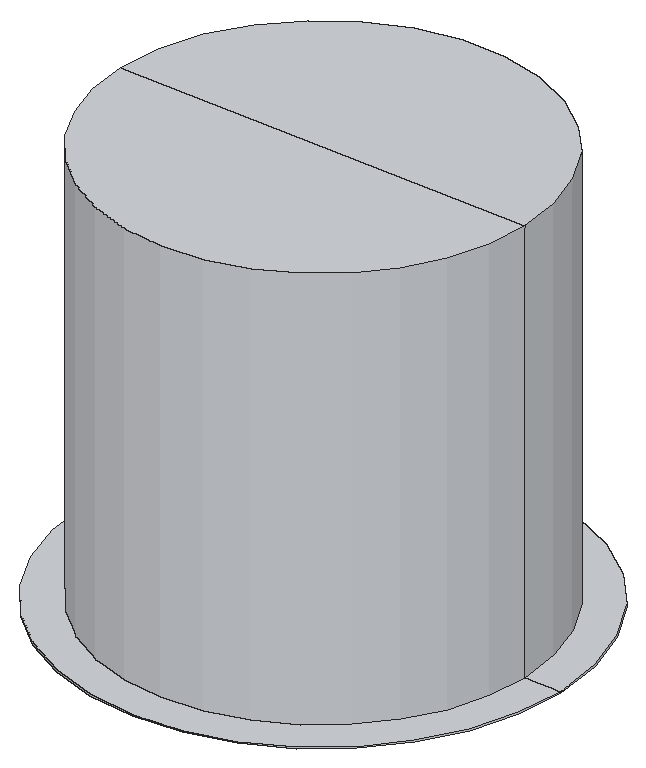
Revit family "95-8-10", category Electrical Fixtures, host Ceiling, Revit 2017
Family settings
  Host = Ceiling
  Maintain Annotation Orientation = No
  Round Connector Dimension = Use Diameter
  Part Type = Normal
  OmniClass Number = 23.80.00.00
  OmniClass Title = Electric Power and Lighting
  Always vertical = Yes
  Cut with Voids When Loaded = No
  Shared = No
  Room Calculation Point = No
Parameters
  URL = ""
  Model = "95-8-10"
  Manufacturer = "Atlas Sound"
  Description = "8\" Speaker Back Can"
Reference planes (in)
  plane 1 "Center (Front/Back)": y = 0
  plane 2 "Ceiling": z = 96
  plane 3 "Center (Left/Right)": x = 0
Forms (in)
  Revolve 1, solid
    sketch origin (0, 0, 95.965) x (1, 0, 0) y (0, 0, 1)
      loop
        line (0, 0) -> (5.875, 0) -> (5.875, 0.035) -> (5, 0.035) -> (5, 10.03738) -> (0, 10.03738) -> (0, 0)
      axis (0, 0) -> (0, 10.03738)
    angle from 0 to 360
  Extrusion 2, void
    sketch origin (0, 0, 95.965) x (1, 0, 0) y (0, 1, 0)
      loop
        circle (0, 0) r 4.94
    from -0.0625 to 9.9375
Cuts and joins
  Extrusion 2 cuts Revolve 1
Lines and regions (in)
  model lines
    curve 1: line (0, 0, 96) -> (0, 0, 106)
Dimensions and locks (in)
  equal spacing: host sketch curve, plane 3 "Center (Left/Right)", host sketch curve
  equal spacing: host sketch curve, plane 1 "Center (Front/Back)", host sketch curve
  host sketch curve to host sketch curve = 10' - 0"  (x2)
Connectors (in)
  cabletrayconduit at (0, 0, 106.00238), diameter 0.75
    settings: on cut or joined group of Revolve 1, Extrusion 2, index 1, connector width 1' - 0", connector height 1' - 0", connector angle 0.00°, system type 32, placement type 0, profile type 0, connector reference index -1, is primary connector yes, connector utility param no, connector description ""
